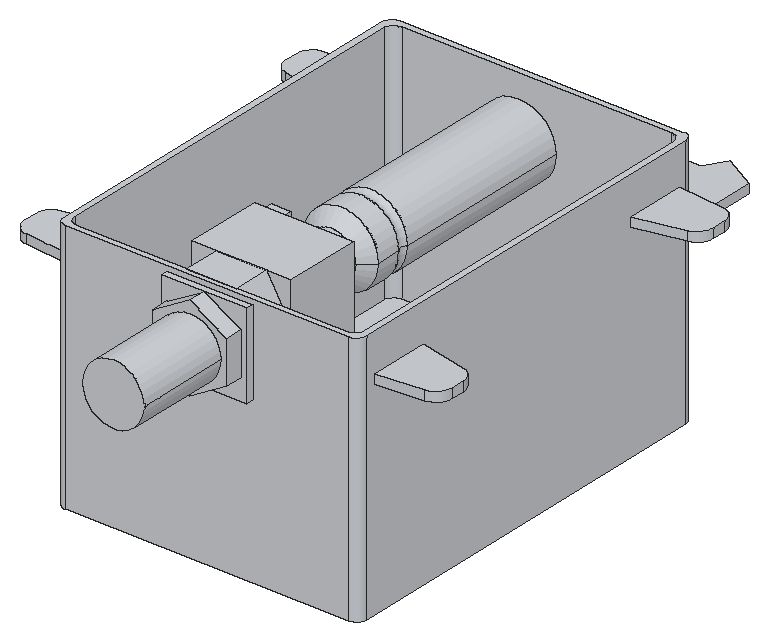
Revit family
Parameters
  Waste Connection = no
  Outlet Connector Type = ""
  Inlet Connector Type = ""
  Frame Visibility [instance] = no
  Default Elevation = 40.00"
Reference planes (in)
  plane 1 "Center (Front/Back)": y = 0
  plane 2: z = 0
  plane 3 "Center (Left/Right)": x = 0
Forms (in)
  Extrusion 1, solid, not visible
    sketch origin (0, 0, 0) x (1, 0, 0) y (0, 1, 0)
      loop
        line (-48, 48) -> (-48, -48) -> (48, -48) -> (48, 48) -> (-48, 48)
    from 0 to -12
  Extrusion 2, solid
    sketch origin (-7.70397, -2.8125, -0.625) x (1, 0, 0) y (0, 1, 0)
      loop
        line (9.74457, 5.38) -> (9.74457, 4.5495) -> (10.41144, 4.7033)
        arc (10.41144, 4.7033) -> (10.53349, 4.78027) -> (10.58107, 4.9165) r 0.2188
        line (10.58107, 4.9165) -> (10.58107, 5.0987)
        arc (10.58107, 5.0987) -> (10.52446, 5.24556) -> (10.38392, 5.31643) r 0.2188
        line (10.38392, 5.31643) -> (9.74457, 5.38)
    from 0 to 0.125
  Extrusion 3, solid
    sketch origin (7.70397, -2.8125, -0.625) x (-1, 0, 0) y (0, -1, 0)
      loop
        line (9.74457, -5.38) -> (10.38392, -5.31643)
        arc (10.38392, -5.31643) -> (10.52446, -5.24556) -> (10.58107, -5.0987) r 0.2188
        line (10.58107, -5.0987) -> (10.58107, -4.9165)
        arc (10.58107, -4.9165) -> (10.53349, -4.78027) -> (10.41144, -4.7033) r 0.2188
        line (10.41144, -4.7033) -> (9.74457, -4.5495) -> (9.74457, -5.38)
    from 0 to 0.125
  Extrusion 4, solid
    sketch origin (-7.70397, 2.8125, -0.625) x (1, 0, 0) y (0, 1, 0)
      loop
        line (9.74457, -5.38) -> (10.38392, -5.31643)
        arc (10.38392, -5.31643) -> (10.52446, -5.24556) -> (10.58107, -5.0987) r 0.2188
        line (10.58107, -5.0987) -> (10.58107, -4.9165)
        arc (10.58107, -4.9165) -> (10.53349, -4.78027) -> (10.41144, -4.7033) r 0.2188
        line (10.41144, -4.7033) -> (9.74457, -4.5495) -> (9.74457, -5.38)
    from 0 to 0.125
  Extrusion 5, solid
    sketch origin (7.70397, 2.8125, -0.625) x (-1, 0, 0) y (0, -1, 0)
      loop
        line (9.74457, 5.38) -> (9.74457, 4.5495) -> (10.41144, 4.7033)
        arc (10.41144, 4.7033) -> (10.53349, 4.78027) -> (10.58107, 4.9165) r 0.2188
        line (10.58107, 4.9165) -> (10.58107, 5.0987)
        arc (10.58107, 5.0987) -> (10.52446, 5.24556) -> (10.38392, 5.31643) r 0.2188
        line (10.38392, 5.31643) -> (9.74457, 5.38)
    from 0 to 0.125
  Extrusion 6, void
    sketch origin (0, -2.8125, -3.75) x (1, 0, 0) y (0, 1, 0)
      loop
        arc (-1.81428, 5.535) -> (-1.91067, 5.49507) -> (-1.9506, 5.39868) r 0.13632
        line (-1.9506, 5.39868) -> (-1.9506, 0.21279)
        arc (-1.9506, 0.21279) -> (-1.91067, 0.11639) -> (-1.81428, 0.07647) r 0.13632
        line (-1.81428, 0.07647) -> (1.81428, 0.07647)
        arc (1.81428, 0.07647) -> (1.91067, 0.11639) -> (1.9506, 0.21279) r 0.13632
        line (1.9506, 0.21279) -> (1.9506, 5.39868)
        arc (1.9506, 5.39868) -> (1.91067, 5.49507) -> (1.81428, 5.535) r 0.13632
        line (1.81428, 5.535) -> (-1.81428, 5.535)
    from 0.47737 to 3.75
  Extrusion 7, solid
    sketch origin (7, -2.8125, -3.75) x (1, 0, 0) y (0, 1, 0)
      loop
        arc (-8.90741, 5.625) -> (-9.00159, 5.58599) -> (-9.0406, 5.49181) r 0.13319
        line (-9.0406, 5.49181) -> (-9.0406, 0.13319)
        arc (-9.0406, 0.13319) -> (-9.00159, 0.03901) -> (-8.90741, 0) r 0.13319
        line (-8.90741, 0) -> (-5.09259, 0)
        arc (-5.09259, 0) -> (-4.99841, 0.03901) -> (-4.9594, 0.13319) r 0.13319
        line (-4.9594, 0.13319) -> (-4.9594, 5.49181)
        arc (-4.9594, 5.49181) -> (-4.99841, 5.58599) -> (-5.09259, 5.625) r 0.13319
        line (-5.09259, 5.625) -> (-8.90741, 5.625)
    from 0.33616 to 3.75
  Extrusion 8, solid
    sketch origin (7, -2.8125, -4.09216) x (1, 0, 0) y (0, 1, 0)
      loop
        line (-8.5603, 6.3475) -> (-8.7288, 6.62451) -> (-9.1936, 6.35561) -> (-9.1936, 5.62871) -> (-9.0406, 5.47571) -> (-8.85627, 5.625) -> (-5.10627, 5.625) -> (-4.95819, 5.47692) -> (-4.8064, 5.62871) -> (-4.8064, 6.35561) -> (-5.2712, 6.62451) -> (-5.4397, 6.3475) -> (-8.5603, 6.3475)
    from 3.125 to 3.25
  Extrusion 9, solid
    sketch origin (2.7956, -1.806, -2.99004) x (-1, 0, 0) y (0, 0, -1)
      loop
        line (3.4606, -2.99004) -> (3.4606, -1.83823) -> (2.1306, -1.83823) -> (2.1306, -2.99004) -> (3.4606, -2.99004)
    from -0.61996 to 0.42904
  Extrusion 10, solid
    sketch origin (2.7956, -1.806, -3.43713) x (-1, 0, 0) y (0, 0, -1)
      loop
        line (3.4606, -2.86123) -> (3.1281, -2.28532) -> (2.4631, -2.28532) -> (2.1306, -2.86123) -> (2.4631, -3.43713) -> (3.1281, -3.43713) -> (3.4606, -2.86123)
    from 0.42904 to 0.93004
  Extrusion 11, solid
    sketch origin (0.38935, 0, 0) x (1, 0, 0) y (0, 0, 1)
      loop
        line (0.22268, -0.0625) -> (-0.92732, -0.0625) -> (-0.92732, -1.21223) -> (0.22268, -1.21223) -> (0.22268, -0.0625)
    from 2.8125 to 2.9125
  Extrusion 12, solid
    sketch origin (1.0456, 0, 0) x (1, 0, 0) y (0, 0, 1)
      loop
        line (-1.0117, -0.0625) -> (-1.50955, -0.34993) -> (-1.50955, -0.9248) -> (-1.0117, -1.21223) -> (-0.51385, -0.9248) -> (-0.51385, -0.34993) -> (-1.0117, -0.0625)
    from 2.9125 to 3.1475
  Extrusion 13, solid
    sketch origin (1.0456, 0, 0) x (1, 0, 0) y (0, 0, 1)
      loop
        circle (-1.0117, -0.63736) r 0.4125
    from 4.42992 to 3.1475
  Revolve 14, solid
    sketch origin (1.0456, 0, -0.59375) x (1, 0, 0) y (0, 1, 0)
      loop
        line (-1.37372, -1.18603) -> (-1.0456, -1.18603) -> (-1.0456, 2.55068)
        arc (-1.0456, 2.55068) -> (-1.30667, 2.51883) -> (-1.54869, 2.41588) r 0.93975
        line (-1.54869, 2.41588) -> (-1.54869, -0.06815)
        arc (-1.54869, -0.06815) -> (-1.51935, -0.14571) -> (-1.54869, -0.22328) r 0.11721
        line (-1.54869, -0.22328) -> (-1.54869, -0.55818) -> (-1.37372, -0.73314) -> (-1.37372, -1.18603)
      axis (-1.0456, -1.18603) -> (-1.0456, 2.55068)
    angle from 0 to 360
  Extrusion 15, solid
    sketch origin (-0.7427, 0, -0.77554) x (1, 0, 0) y (0, 1, 0)
      loop
        line (0.0777, -1.86103) -> (0.0777, -0.57103) -> (-0.1823, -0.57103) -> (-0.1823, -1.86103) -> (0.0777, -1.86103)
    from 0 to 0.4
  Sweep 16, solid, not visible
    path origin (0, 0, 0) x (1, 0, 0) y (0, 0, 1)
      loop
        line (-1.7174, 2.5401) -> (-1.7174, -2.5401) -> (1.7174, -2.5401) -> (1.7174, 2.5401) -> (-1.7174, 2.5401)
    profile origin (-1.7174, 0, 0) x (0, -1, 0) y (1, 0, 0)
      loop
        line (0, 0) -> (0, -1.1782) -> (0.125, -1.1782)
        arc (0.125, -1.1782) -> (0.18244, -0.8066) -> (0.29371, -0.44742) r 2.55875
        arc (0.29371, -0.44742) -> (0.35615, -0.22767) -> (0.375, 0) r 1.17785
        line (0.375, 0) -> (0, 0)
  Sweep 17, solid, visible <- "Frame Visibility"
    path origin (0, 0, 0) x (1, 0, 0) y (0, 1, 0)
      loop
        line (-1.7174, 2.5401) -> (-1.7174, -2.5401) -> (1.7174, -2.5401) -> (1.7174, 2.5401) -> (-1.7174, 2.5401)
    profile origin (-1.7174, 0, 0) x (1, 0, 0) y (0, 0, 1)
      loop
        line (0, 0) -> (0, 0.375)
        arc (0, 0.375) -> (-0.22767, 0.35615) -> (-0.44742, 0.29371) r 1.17785
        arc (-0.44742, 0.29371) -> (-0.8066, 0.18244) -> (-1.1782, 0.125) r 2.55875
        line (-1.1782, 0.125) -> (-1.1782, 0) -> (0, 0)
Cuts and joins
  Extrusion 6 cuts Extrusion 7
Lines and regions (in)
  model lines
    curve 1: circle (2.6206, 2.1725, -0.5) r 0.09 normal (0, 0, 1)
    curve 2: circle (-2.6206, 2.1725, -0.5) r 0.09 normal (0, 0, -1)
    curve 3: circle (2.6206, -2.1725, -0.5) r 0.09 normal (0, 0, -1)
    curve 4: circle (-2.6206, -2.1725, -0.5) r 0.09 normal (0, 0, 1)
    curve 5: line (-0.2884, 2.8125, -0.84216) -> (-0.2884, 3.535, -0.84216)
    curve 6: line (0.3116, 2.8125, -0.84216) -> (0.3116, 3.535, -0.84216)
    curve 7: line (0.9116, 2.8125, -0.84216) -> (0.9116, 3.535, -0.84216)
    curve 8: line (-0.8884, 2.8125, -0.84216) -> (-0.8884, 3.535, -0.84216)
    curve 9: line (-1.4884, 2.8125, -0.84216) -> (-1.4884, 3.535, -0.84216)
    curve 10: line (1.5116, 2.8125, -0.84216) -> (1.5116, 3.535, -0.84216)
    curve 11: line (-1.6414, 2.8125, -0.84216) -> (-1.6414, 3.535, -0.84216)
    curve 12: line (-1.5603, 3.535, -0.84216) -> (-1.6414, 3.535, -0.84216)
    curve 13: line (-1.6414, 3.535, -0.84216) -> (-1.70032, 3.31511, -0.84216)
    curve 14: line (-1.70032, 3.31511, -0.84216) -> (-2.1936, 3.10261, -0.84216)
    curve 15: line (1.5603, 3.535, -0.84216) -> (1.6414, 3.535, -0.84216)
    curve 16: line (1.6414, 3.535, -0.84216) -> (1.70032, 3.31511, -0.84216)
    curve 17: line (1.70032, 3.31511, -0.84216) -> (2.1936, 3.10261, -0.84216)
    curve 18: line (-1.8226, 3.55987, -0.84216) -> (-1.8226, 3.37958, -0.84216)
    curve 19: line (-1.8226, 3.37958, -0.84216) -> (-2.00154, 3.3025, -0.84216)
    curve 20: line (-2.00154, 3.3025, -0.84216) -> (-2.00154, 3.48278, -0.84216)
    curve 21: line (-1.8226, 3.55987, -0.84216) -> (-2.00154, 3.48278, -0.84216)
    curve 22: line (1.8226, 3.55987, -0.84216) -> (1.8226, 3.37958, -0.84216)
    curve 23: line (1.8226, 3.37958, -0.84216) -> (2.00154, 3.3025, -0.84216)
    curve 24: line (2.00154, 3.3025, -0.84216) -> (2.00154, 3.48278, -0.84216)
    curve 25: line (1.8226, 3.55987, -0.84216) -> (2.00154, 3.48278, -0.84216)
    curve 26: circle (0, -1.7116, 0) r 0.45 normal (0, 0, 1)
    curve 27: circle (0, -1.7116, 0) r 0.1875 normal (0, 0, 1)
Dimensions and locks (in)
  locked: cut or joined group of Extrusion 6, Extrusion 7 to plane 1 "Center (Front/Back)" at 2.8125
  locked: cut or joined group of Extrusion 6, Extrusion 7 to cut or joined group of Extrusion 6, Extrusion 7 at 5.625
  locked: Extrusion 13 to cut or joined group of Extrusion 6, Extrusion 7 at 1.61742
  aligned and locked: plane 2 to Extrusion 1
  aligned and locked: level to Extrusion 1
  aligned and locked: Extrusion 7 to Extrusion 2
  aligned: Extrusion 7 to level
  aligned and locked: Extrusion 2 to Extrusion 4
  aligned and locked: Extrusion 6 to Extrusion 7
  aligned and locked: Extrusion 10 to Extrusion 9
  aligned and locked: cut or joined group of Extrusion 6, Extrusion 7 to Extrusion 11
  aligned and locked: Extrusion 11 to Extrusion 12
  aligned and locked: Extrusion 13 to Extrusion 12
Connectors (in)
  piping at (0, -1.71053, 0), driven by "Outlet Connector Type"
    settings: on Extrusion 9, index 1, connector radius 0.19", flow factor 0, pipe flow 0 GPM, pressure drop 0.00 psi, fitting loss kfactor 0, connector angle 0.00°, fixture units 0, flow configuration 0, flow direction 2, fitting loss method 0, system type 20, connector reference index -1, connector utility 0, adjustable connector no, is connector primary yes, fitting loss table "", connector description ""
  piping at (0.0339, -4.42992, -0.63736), driven by "Inlet Connector Type"
    settings: on Extrusion 13, index 6, connector radius 1/4", flow factor 0, pipe flow 0 GPM, pressure drop 0.00 psi, fitting loss kfactor 0, connector angle 0.00°, fixture units 0, flow configuration 0, flow direction 1, fitting loss method 0, system type 20, connector reference index -1, connector utility 0, adjustable connector no, is connector primary no, fitting loss table "", connector description ""
